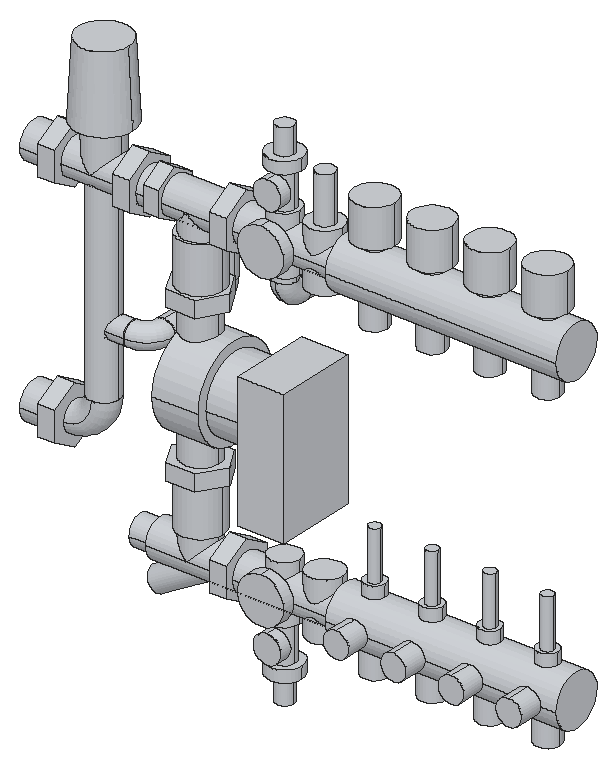
Revit family "318_3dab38ccfa9a4ba2b3cf6a35155c04", category Pipe Accessories, Revit 2017 (continued)
Automatic sketch dimensions
  plane 9 "438" to Extrusion 8 sketch curve = 6.651 mm
  plane 70 "377" to Extrusion 8 sketch curve = 6.5 mm  (x2)
  Extrusion 8 sketch curve to plane 51 "396" = 4.5 mm  (x2)
  plane 25 "422" to Extrusion 8 sketch curve = 12 mm
  Extrusion 9 sketch curve to plane 1 "Center (Front/Back)" = 0 mm  (x2)
  Extrusion 9 sketch curve to plane 23 "424" = 0 mm
  plane 38 "409" to Extrusion 9 sketch curve = 0.349 mm
  plane 9 "438" to Extrusion 9 sketch curve = 6.651 mm
  Extrusion 9 sketch curve to plane 41 "406" = 9.5 mm  (x2)
  plane 48 "399" to Extrusion 9 sketch curve = 8.5 mm  (x2)
  Extrusion 9 sketch curve to plane 48 "399" = 4 mm
  plane 17 "430" to Extrusion 10 sketch curve = 12 mm
  Extrusion 11 sketch curve to plane 1 "Center (Front/Back)" = 0 mm  (x2)
  Extrusion 11 sketch curve to plane 23 "424" = 0 mm
  plane 38 "409" to Extrusion 11 sketch curve = 0.349 mm
  plane 9 "438" to Extrusion 11 sketch curve = 6.651 mm
  Extrusion 11 sketch curve to plane 41 "406" = 9.5 mm  (x2)
  plane 48 "399" to Extrusion 11 sketch curve = 8.5 mm  (x2)
  Extrusion 11 sketch curve to plane 48 "399" = 4 mm
  Extrusion 12 sketch curve to Extrusion 12 sketch curve = 15 mm
  Extrusion 13 sketch curve to plane 74 "373" = 0 mm
  Extrusion 14 sketch curve to Extrusion 14 sketch curve = 8 mm
  Extrusion 15 sketch curve to Extrusion 15 sketch curve = 15 mm
  Extrusion 102 sketch curve to plane 56 "391" = 0 mm
  Extrusion 103 sketch curve to plane 1 "Center (Front/Back)" = 0 mm  (x2)
  Extrusion 103 sketch curve to plane 27 "420" = 0 mm
  Extrusion 103 sketch curve to plane 21 "426" = 0 mm
  plane 38 "409" to Extrusion 103 sketch curve = 0.349 mm
  plane 9 "438" to Extrusion 103 sketch curve = 6.651 mm
  plane 27 "420" to Extrusion 103 sketch curve = 12.5 mm  (x2)
  Extrusion 103 sketch curve to plane 50 "397" = 8.5 mm  (x2)
  Extrusion 104 sketch curve to plane 1 "Center (Front/Back)" = 0 mm  (x2)
  Extrusion 104 sketch curve to plane 23 "424" = 0 mm
  plane 38 "409" to Extrusion 104 sketch curve = 0.349 mm
  plane 9 "438" to Extrusion 104 sketch curve = 6.651 mm
  Extrusion 104 sketch curve to plane 41 "406" = 9.5 mm  (x2)
  plane 48 "399" to Extrusion 104 sketch curve = 8.5 mm  (x2)
  Extrusion 104 sketch curve to plane 48 "399" = 4 mm
  Extrusion 105 sketch curve to plane 56 "391" = 0 mm
  Extrusion 106 sketch curve to plane 1 "Center (Front/Back)" = 0 mm  (x2)
  Extrusion 106 sketch curve to plane 48 "399" = 0 mm
  Extrusion 106 sketch curve to plane 56 "391" = 2.187 mm
  plane 9 "438" to Extrusion 106 sketch curve = 3.187 mm
  Extrusion 106 sketch curve to level = 10.5 mm  (x2)
  level to Extrusion 106 sketch curve = 10.5 mm  (x2)
  Extrusion 106 sketch curve to plane 41 "406" = 1 mm
  Extrusion 107 sketch curve to plane 1 "Center (Front/Back)" = 0 mm  (x2)
  plane 56 "391" to Extrusion 107 sketch curve = 3.01 mm
  Extrusion 107 sketch curve to plane 9 "438" = 2.01 mm
  plane 27 "420" to Extrusion 107 sketch curve = 10 mm
  Extrusion 107 sketch curve to plane 43 "404" = 7.5 mm  (x2)
  plane 43 "404" to Extrusion 107 sketch curve = 7.5 mm  (x2)
  Extrusion 107 sketch curve to plane 50 "397" = 6 mm
  Extrusion 108 sketch curve to plane 55 "392" = 3.5 mm
  Extrusion 109 sketch curve to Extrusion 109 sketch curve = 10.5 mm
  Extrusion 109 sketch curve to Extrusion 109 sketch curve = 0 mm
  Extrusion 110 sketch curve to plane 58 "389" = 2 mm
  plane 58 "389" to Extrusion 111 sketch curve = 1 mm
  plane 1 "Center (Front/Back)" to Extrusion 112 sketch curve = 0 mm  (x2)
  Extrusion 112 sketch curve to plane 59 "388" = 3 mm
  plane 38 "409" to Extrusion 112 sketch curve = 0.349 mm
  Extrusion 112 sketch curve to plane 71 "376" = 2.5 mm  (x2)
  Extrusion 112 sketch curve to plane 62 "385" = 7.5 mm  (x2)
  plane 62 "385" to Extrusion 112 sketch curve = 5 mm
  plane 9 "438" to Extrusion 112 sketch curve = 6.651 mm
  plane 1 "Center (Front/Back)" to Extrusion 113 sketch curve = 0 mm  (x2)
  Extrusion 113 sketch curve to plane 59 "388" = 3 mm
  Extrusion 113 sketch curve to plane 71 "376" = 2.5 mm  (x2)
  plane 38 "409" to Extrusion 113 sketch curve = 0.349 mm
  Extrusion 113 sketch curve to plane 62 "385" = 7.5 mm  (x2)
  plane 62 "385" to Extrusion 113 sketch curve = 5 mm
  plane 9 "438" to Extrusion 113 sketch curve = 6.651 mm
  plane 58 "389" to Extrusion 114 sketch curve = 1 mm
  Extrusion 115 sketch curve to plane 58 "389" = 2 mm
  plane 74 "373" to Extrusion 116 sketch curve = 4 mm
  Extrusion 117 sketch curve to plane 11 "436" = 0 mm
  plane 74 "373" to Extrusion 118 sketch curve = 5.5 mm
  plane 52 "395" to Extrusion 119 sketch curve = 4 mm
  plane 27 "420" to Extrusion 120 sketch curve = 5 mm
  Extrusion 121 sketch curve to plane 74 "373" = 0 mm
  plane 26 "421" to Extrusion 122 sketch curve = 2 mm
  plane 74 "373" to Extrusion 123 sketch curve = 5.5 mm
  Extrusion 124 sketch curve to plane 11 "436" = 0 mm
  plane 74 "373" to Extrusion 125 sketch curve = 4 mm
  Extrusion 126 sketch curve to level = 0 mm
  plane 48 "399" to Extrusion 126 sketch curve = 1 mm
  plane 17 "430" to Extrusion 127 sketch curve = 9 mm
  Blend 128 sketch curve to plane 17 "430" = 0 mm
  plane 17 "430" to Blend 128 sketch curve = 3 mm
  Extrusion 129 sketch curve to plane 58 "389" = 2 mm
  Extrusion 130 sketch curve to plane 38 "409" = 18 mm
  plane 58 "389" to Extrusion 131 sketch curve = 1 mm
  Extrusion 132 sketch curve to plane 38 "409" = 10.5 mm
  Extrusion 133 sketch curve to plane 51 "396" = 3.5 mm
  Extrusion 133 sketch curve to plane 38 "409" = 13 mm
  plane 6 "441" to Extrusion 133 sketch curve = 8.5 mm
  plane 9 "438" to Extrusion 133 sketch curve = 20 mm
  Extrusion 134 sketch curve to plane 55 "392" = 1 mm
  Revolve 135 sketch curve to level = 0 mm
  Revolve 135 sketch curve to plane 55 "392" = 1 mm
  Revolve 135 sketch curve to plane 69 "378" = 1 mm
  plane 72 "375" to Extrusion 136 sketch curve = 4.5 mm
  plane 74 "373" to Extrusion 137 sketch curve = 3 mm
  plane 7 "440" to Extrusion 138 sketch curve = 5 mm
  Revolve 139 sketch curve to plane 10 "437" = 0 mm
  plane 5 "442" to Revolve 139 sketch curve = 4 mm
  Revolve 139 sketch curve to plane 3 "Center (Left/Right)" = 440 mm
  Revolve 139 sketch curve to Revolve 139 sketch curve = 70 mm
  Extrusion 140 sketch curve to plane 55 "392" = 1 mm
  Extrusion 141 sketch curve to plane 55 "392" = 1 mm
  Extrusion 142 sketch curve to plane 55 "392" = 1 mm
  Extrusion 143 sketch curve to plane 55 "392" = 1 mm
  Extrusion 144 sketch curve to plane 55 "392" = 1 mm
  Extrusion 145 sketch curve to plane 55 "392" = 1 mm
  Extrusion 146 sketch curve to plane 55 "392" = 1 mm
  Extrusion 147 sketch curve to plane 55 "392" = 1 mm
  Extrusion 148 sketch curve to plane 55 "392" = 1 mm
  Extrusion 149 sketch curve to plane 55 "392" = 1 mm
Connectors
  piping at (0, 0, 0), diameter 25, driven by "Flow supply main", driven by "SMP"
    settings: on Extrusion 143, index 1, connector inside diameter 609.6 mm, connector length 0 mm, flow factor 0, pipe flow 0.0 L/s, pressure drop 0.0 Pa, fitting loss kfactor 0, connector angle 0.00°, fixture units 0, engagement length 0 mm, angle of deflection 0.00°, flow configuration 1, flow direction 1, fitting loss method 0, system type 7, joint type 0, gender type 0, connector reference index -1, connector utility 0, adjustable connector no, is connector primary yes, connector description "Main_1_1"
  piping at (295, 0, -311), diameter 18, driven by "Flow supply 1", driven by "SBP1"
    settings: on Extrusion 141, index 2, connector inside diameter 609.6 mm, connector length 0 mm, flow factor 0, pipe flow 0.0 L/s, pressure drop 0.0 Pa, fitting loss kfactor 0, connector angle 0.00°, fixture units 0, engagement length 0 mm, angle of deflection 0.00°, flow configuration 0, flow direction 2, fitting loss method 0, system type 7, joint type 0, gender type 0, connector reference index -1, connector utility 0, adjustable connector no, is connector primary no, connector description "Branch_1_1"
  piping at (345, 0, -311), diameter 18, driven by "Flow supply 2", driven by "SBP2"
    settings: on Extrusion 140, index 3, connector inside diameter 609.6 mm, connector length 0 mm, flow factor 0, pipe flow 0.0 L/s, pressure drop 0.0 Pa, fitting loss kfactor 0, connector angle 0.00°, fixture units 0, engagement length 0 mm, angle of deflection 0.00°, flow configuration 0, flow direction 2, fitting loss method 0, system type 7, joint type 0, gender type 0, connector reference index -1, connector utility 0, adjustable connector no, is connector primary no, connector description "Branch_1_2"
  piping at (395, 0, -311), diameter 18, driven by "Flow supply 3", driven by "SBP3"
    settings: on Extrusion 144, index 4, connector inside diameter 609.6 mm, connector length 0 mm, flow factor 0, pipe flow 0.0 L/s, pressure drop 0.0 Pa, fitting loss kfactor 0, connector angle 0.00°, fixture units 0, engagement length 0 mm, angle of deflection 0.00°, flow configuration 0, flow direction 2, fitting loss method 0, system type 7, joint type 0, gender type 0, connector reference index -1, connector utility 0, adjustable connector no, is connector primary no, connector description "Branch_1_3"
  piping at (445, 0, -311), diameter 18, driven by "Flow supply 4", driven by "SBP4"
    settings: on Extrusion 145, index 5, connector inside diameter 609.6 mm, connector length 0 mm, flow factor 0, pipe flow 0.0 L/s, pressure drop 0.0 Pa, fitting loss kfactor 0, connector angle 0.00°, fixture units 0, engagement length 0 mm, angle of deflection 0.00°, flow configuration 0, flow direction 2, fitting loss method 0, system type 7, joint type 0, gender type 0, connector reference index -1, connector utility 0, adjustable connector no, is connector primary no, connector description "Branch_1_4"
  piping at (0, 0, -202), diameter 25, driven by "Flow return main", driven by "RMP"
    settings: on Extrusion 142, index 6, connector inside diameter 609.6 mm, connector length 0 mm, flow factor 0, pipe flow 0.0 L/s, pressure drop 0.0 Pa, fitting loss kfactor 0, connector angle 0.00°, fixture units 0, engagement length 0 mm, angle of deflection 0.00°, flow configuration 1, flow direction 2, fitting loss method 0, system type 8, joint type 0, gender type 0, connector reference index -1, connector utility 0, adjustable connector no, is connector primary no, connector description "Main_2_1"
  piping at (295, 0, -40), diameter 18, driven by "Flow return 1", driven by "RBP1"
    settings: on Extrusion 147, index 7, connector inside diameter 609.6 mm, connector length 0 mm, flow factor 0, pipe flow 0.0 L/s, pressure drop 0.0 Pa, fitting loss kfactor 0, connector angle 0.00°, fixture units 0, engagement length 0 mm, angle of deflection 0.00°, flow configuration 0, flow direction 1, fitting loss method 0, system type 8, joint type 0, gender type 0, connector reference index -1, connector utility 0, adjustable connector no, is connector primary no, connector description "Branch_2_1"
  piping at (345, 0, -40), diameter 18, driven by "Flow return 2", driven by "RBP2"
    settings: on Extrusion 148, index 8, connector inside diameter 609.6 mm, connector length 0 mm, flow factor 0, pipe flow 0.0 L/s, pressure drop 0.0 Pa, fitting loss kfactor 0, connector angle 0.00°, fixture units 0, engagement length 0 mm, angle of deflection 0.00°, flow configuration 0, flow direction 1, fitting loss method 0, system type 8, joint type 0, gender type 0, connector reference index -1, connector utility 0, adjustable connector no, is connector primary no, connector description "Branch_2_2"
  piping at (395, 0, -40), diameter 18, driven by "Flow return 3", driven by "RBP3"
    settings: on Extrusion 146, index 9, connector inside diameter 609.6 mm, connector length 0 mm, flow factor 0, pipe flow 0.0 L/s, pressure drop 0.0 Pa, fitting loss kfactor 0, connector angle 0.00°, fixture units 0, engagement length 0 mm, angle of deflection 0.00°, flow configuration 0, flow direction 1, fitting loss method 0, system type 8, joint type 0, gender type 0, connector reference index -1, connector utility 0, adjustable connector no, is connector primary no, connector description "Branch_2_3"
  piping at (445, 0, -40), diameter 18, driven by "Flow return 4", driven by "RBP4"
    settings: on Extrusion 149, index 10, connector inside diameter 609.6 mm, connector length 0 mm, flow factor 0, pipe flow 0.0 L/s, pressure drop 0.0 Pa, fitting loss kfactor 0, connector angle 0.00°, fixture units 0, engagement length 0 mm, angle of deflection 0.00°, flow configuration 0, flow direction 1, fitting loss method 0, system type 8, joint type 0, gender type 0, connector reference index -1, connector utility 0, adjustable connector no, is connector primary no, connector description "Branch_2_4"
